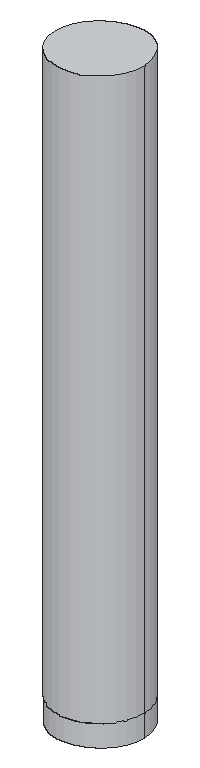
Revit family "bd0ec9a4ecfd44d6a17543314e31cf5a", category Sprinklers, host Face, Revit 2021
Family settings
  Host = Face
  Maintain Annotation Orientation = Yes
  Round Connector Dimension = Use Radius
  Part Type = Normal
  OmniClass Number = 23.65.70.17.11.24
  OmniClass Title = Fire Fighting Sprinkler Heads
  Seek Item ID = Sprinkler - Dry - Pendent - Hosted-0000-USA-ENU
  Cut with Voids When Loaded = No
  Shared = No
  Room Calculation Point = No
Parameters (values of type "1/2" Dry Pendent")
  Temperature Rating = 135 °F
  Symbol [instance] = Sprinkler - Symbol - Pendent : Sprinkler - Symbol - Pendent
  Response = Standard
  Pressure Drop [instance] = 7.00 psi
  Pressure Class = Standard
  Orifice Size = 1/2"
  Orifice = Standard
  K-Factor = 5.6
  Flow [instance] = 30 GPM
  Escutcheon Diameter = Nominal Diameter  # 1/2"
  Coverage = Standard
  Nominal Diameter = Nominal Radius * 2  # 1/2"
  Nominal Radius = 1/4"
  Escutcheon Radius = 0.5 * Escutcheon Diameter  # 1/4"
  Protrusion = Overall Length - CEL  # 3 3/8"
  Overall Length = 3 7/8"
  Escutcheon Thickness = 1/8"
  Default Elevation = 8' - 0"
  CEL = 1/2"
  Assembly Code = ""
Types (4): name | Symbol
  1/2" Dry Pendent | Sprinkler - Symbol - Pendent : Sprinkler - Symbol - Pendent
  1/2" Dry Pendent on Drop | Sprinkler - Symbol - Pendent on Drop : Sprinkler - Symbol - Pendent on Drop
  1/2" Dry Pendent on Drop with Guard | Sprinkler - Symbol - Pendent on Drop with Guard : Sprinkler - Symbol - Pendent on Drop with Guard
  1/2" Dry Pendent with Guard | Sprinkler - Symbol - Pendent with Guard : Sprinkler - Symbol - Pendent with Guard
Reference planes (in)
  plane 1 "Center (Front/Back)": y = 0
  plane 2: z = 0
  plane 3 "Center (Left/Right)": x = 0
  plane 4: z = -0.5
  plane 5: z = 0.125
  plane 6: z = 3.375
  plane 7: z = 0
Forms (in)
  Extrusion 1, solid
    sketch origin (0, 0, 0) x (1, 0, 0) y (0, 1, 0)
      loop
        circle (0, 0) r 0.25
    from 0 to 3.375
  Extrusion 2, solid
    sketch origin (0, 0, 0) x (1, 0, 0) y (0, 1, 0)
      loop
        circle (0, 0) r 0.25
    from 0 to 0.125
Cuts and joins
  joined: Extrusion 1, Extrusion 2
Dimensions and locks (in)
  "Escutcheon Thickness": plane 5 to level
  "Protrusion": plane 6 to level
  "Overall Length": plane 6 to plane 4
  "CEL": plane 7 to plane 4
  "Nominal Radius": radius of Extrusion 1 sketch curve
  "Escutcheon Radius": radius of Extrusion 2 sketch curve
  aligned and locked: plane 2 to host face
  aligned and locked: level to host face
  aligned and locked: Extrusion 2 to level
  aligned and locked: plane 5 to Extrusion 2
  aligned and locked: plane 6 to Extrusion 1
  aligned and locked: Extrusion 1 to plane 7
Automatic sketch dimensions
  Extrusion 1 sketch curve to plane 1 "Center (Front/Back)" = 0' - 0"
  Extrusion 1 sketch curve to plane 3 "Center (Left/Right)" = 0' - 0"
  Extrusion 2 sketch curve to plane 1 "Center (Front/Back)" = 0' - 0"
  Extrusion 2 sketch curve to plane 3 "Center (Left/Right)" = 0' - 0"
  host sketch curve to host sketch curve = 8' - 0"  (x2)
Nested families (in)
  nested 1: "Sprinkler - Symbol - Pendent" at (0, 0, 0), type <- "Symbol", type "Sprinkler - Symbol - Pendent"
Connectors (in)
  piping at (0, 0, 0), diameter 0.5, driven by "Flow", driven by "Nominal Radius", driven by "Pressure Drop"
    settings: on cut or joined group of Extrusion 1, Extrusion 2, index 1, connector inside diameter 1/2", connector length 0' - 0", flow factor 0, pipe flow 30 GPM, pressure drop 7.00 psi, fitting loss kfactor 0, connector angle 0.00°, fixture units 0, engagement length 0' - 0", angle of deflection 0.00°, flow configuration 1, flow direction 1, fitting loss method 4, system type 24, joint type 0, gender type 0, connector reference index -1, connector utility 0, adjustable connector no, is connector primary yes, connector description "In"
Definition of nested family "Sprinkler - Symbol - Pendent"
  Parameters
    Symbol Radius = 0.5 * Symbol Diameter  # 0' - 0 1/16"
    Symbol Diameter = 0' - 0 1/8"
  Reference planes (in)
    plane 1: y = 0
    plane 2: x = 0
  Lines and regions (in)
    detail lines
      curve 1: circle (0, 0, 0) r 0.0625 normal (0, 0, 1)
  Dimensions and locks (in)
    "Symbol Radius": radius of curve 1
  Automatic sketch dimensions
    curve 1 to plane 1 = 0' - 0"
    curve 1 to plane 2 = 0' - 0"
